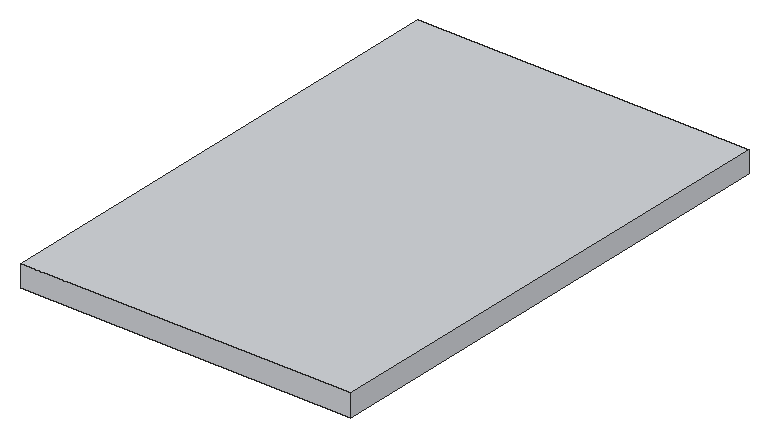
Revit family "CIRQUA-LI 1Xxxx S", category Oprawy oświetleniowe, Revit 2019
Family settings
  Obiekt nadrzędny = Powierzchnia
  Wymiar okrągłego złącza = Użyj średnicy
  Typ części = Normalny
  Numer OmniClass = 23.80.70.11
  Tytuł OmniClass = Luminaries for Internal Lighting
  Tnij formami wycięć po wczytaniu = Nie
  Źródło światła = Tak
  Współdzielony = Nie
  Punkt obliczania pomieszczeń = Nie
Parameters (values of type "CIRQUA-LI 1X3200-840 S")
  width = 100 mm  # constant formula
  weight = "1 kg"  # constant formula
  voltage type (AC, DC, UC) = "AC"
  rated input power = 26  # constant formula
  product name = "CIRQUA-LI 1X3200-840 S"
  nominal voltage = "230"
  nominal frequency = "50-60Hz"
  length = 231 mm  # constant formula
  ingress protection (IP) code = "IP20"
  height = 160 mm  # constant formula
  electrical safety class = "1"
  control gear = ""
  conformity mark = "CE"  # constant formula
  brand = "RIDI"
  approval mark = ""
  built-in parameter 1150104 = 13.8 (stored number, unit not read)
  Wattage = 21.8793 W
  Emituj ze średnicy okręgu = 76 mm  # constant formula
  Default Elevation = 0 mm
  built-in parameter 1150113 = 1 (stored number, unit not read)
  built-in parameter 1114218 = 1 (stored number, unit not read)
  URL = "www.ridi.de"
  built-in parameter 1150134 = 12
  built-in parameter 1150109 = 1 (stored number, unit not read)
  built-in parameter 1150110 = 1 (stored number, unit not read)
  Apparent Load = 26 VA  # constant formula
  Tilt Angle = 90.00°
  Model = "0321986AH"
  built-in parameter 1114217 = 1 (stored number, unit not read)
  built-in parameter 1150139 = (empty or 0)
  built-in parameter 1150105 = 258.63 (stored number, unit not read)
  built-in parameter 1150114 = 1 (stored number, unit not read)
  Lumens = 3250 lm
  built-in parameter 1150115 = 1 (stored number, unit not read)
  built-in parameter 1150112 = 1 (stored number, unit not read)
  Lampa = "LED"
  Producent = "RIDI Leuchten GmbH"  # constant formula
  Dimming Lamp Color Temperature Shift = (empty or 0)
  Color Filter = 16777215
  built-in parameter 1150133 = 10 (stored number, unit not read)
  Emit Shape Visible in Rendering = no
  built-in parameter 1150137 = (empty or 0)
  built-in parameter 1150132 = 2
  Plik sieci fotometrycznej = "CIRQUA-L 1x3200-840 S.IES"
  Copyright = "© RIDI. All rights reserved."  # constant formula
  built-in parameter 1150106 = 2.5863 (stored number, unit not read)
  Kod zespołu = "D5020200"
  built-in parameter 1150107 = 4000 (stored number, unit not read)
  built-in parameter 1150102 = (empty or 0)
  built-in parameter 1150138 = (empty or 0)
Types (4, lengths in mm): name | product name | Wattage | built-in parameter 1150134 | Model | built-in parameter 1150105 | Lumens | built-in parameter 1150106 | built-in parameter 1150107
  (no name) | "CIRQUA-LI 1X3200-840 S" | 21.8793 W | 12 | "0321986AH" | 258.63 (stored number, unit not read) | 3250 lm | 2.5863 (stored number, unit not read) | 4000 (stored number, unit not read)
  CIRQUA-LI 1X3000-830 S | "CIRQUA-LI 1X3000-830 S" | 20.7349 W | (empty or 0) | "0321990AH" | 245.1 (stored number, unit not read) | 3080 lm | 2.451 (stored number, unit not read) | 3000 (stored number, unit not read)
  CIRQUA-LI 1X2600-930 S | "CIRQUA-LI 1X2600-930 S" | 17.8401 W | (empty or 0) | "0321994AH" | 210.88 (stored number, unit not read) | 2650 lm | 2.1088 (stored number, unit not read) | 3000 (stored number, unit not read)
  CIRQUA-LI 1X3200-840 S | "CIRQUA-LI 1X3200-840 S" | 21.8793 W | 12 | "0321986AH" | 258.63 (stored number, unit not read) | 3250 lm | 2.5863 (stored number, unit not read) | 4000 (stored number, unit not read)
Reference planes
  plane 1 "Mitte (Vorne/hinten)": y = 0
  plane 2: z = 24.176
  plane 3 "Mitte (Links/rechts)": x = 22
  plane 4: z = 0
Forms (mm)
  Extrusion 1, solid
    sketch origin (219.2, 280.8, 0) x (1, 0, 0) y (0, 1, 0)
      loop
        line (-1219.2, 1219.2) -> (-1219.2, -1780.8) -> (780.8, -1780.8) -> (780.8, 1219.2) -> (-1219.2, 1219.2)
    from 24.176 to -107.307
Dimensions and locks
  aligned and locked: plane 2 to Extrusion 1
Connectors
  electrical at (22.05, -6.85, -4.224), driven by "Apparent Load"
    settings: on import instance, index 1, voltage 230 V, apparent load 0 VA, apparent load phase1 26 VA, apparent load phase2 0 VA, apparent load phase3 0 VA, power factor 1, load classification "Lighting", number of poles 1, system type 31, power factor state 1, is connector primary yes, connector utility no, sub classification motor no, connector description ""
